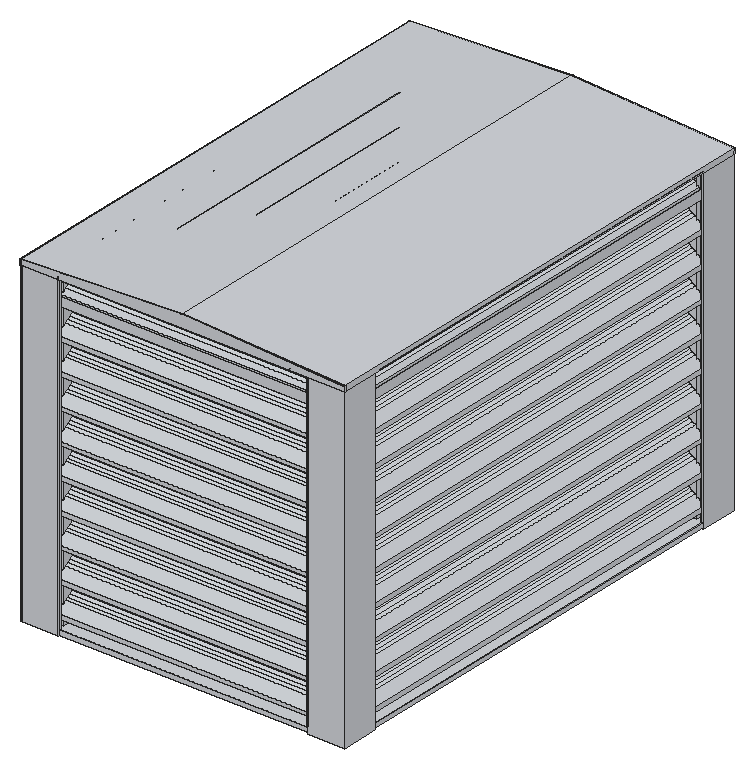
Revit family "PEL-4", category Mechanical Equipment, Revit 2015
Parameters
  URL = "https://unitedenertech.com/catalog/pdf/B_1%20PEL-4.pdf"
  Type Comments = "Louvers will split to Multi Section Assemblies if Max. Sizes are Exceeded. See EL-4 Submittal for Max. Size Listings."
  Model = "PEL-4"
  Manufacturer = "United Enertech Corporation"
  Louver Height [instance] = Height  # 4' - 0"
  Louver B Width [instance] = B + 0' 3"  # 5' - 3"
  Louver A Width [instance] = A + 0' 3"  # 3' - 3"
  Keynote = "Max. Preassembled Size is 72\"w x 220\"l x 80\"h"
  Height = 4' - 0"
  Description = "4\" Deep \"J\" Blade Louvered Penthouse"
  B Roof [instance] = B Side O.D. + 0' 0 1/4"  # 6' - 0 1/4"
  B Side O.D. [instance] = Louver B Width + 0' 9"  # 6' - 0"
  B = 5' - 0"
  A Roof [instance] = A Side O.D. + 0' 0 1/4"  # 4' - 0 1/4"
  A Side O.D. [instance] = Louver A Width + 0' 9"  # 4' - 0"
  A = 3' - 0"
Reference planes (in)
  plane 1 "Center (Front/Back)": y = 0
  plane 2: z = 0
  plane 3 "Center (Left/Right)": x = 0
  plane 4: x = -24
  plane 5: y = 36
  plane 6: x = 24
  plane 7: y = -36
  plane 8: z = 18
  plane 9: z = 66.22
  plane 10: z = 18.22
  plane 11: y = 30
  plane 12: y = -30
  plane 13: x = -18
  plane 14: x = 18
Forms (in)
  Extrusion 1, solid
    sketch origin (39.9625, 19.9659, 0) x (1, 0, 0) y (0, 1, 0)
      loop
        line (-64.0525, 10.6241) -> (-63.9625, 10.6241) -> (-63.9625, 16.0341) -> (-58.5525, 16.0341) -> (-58.5525, 16.1241) -> (-64.0525, 16.1241) -> (-64.0525, 10.6241)
    from 18.22 to 66.22
  Extrusion 2, solid
    sketch origin (-39.9625, 19.9659, 0) x (-1, 0, 0) y (0, -1, 0)
      loop
        line (-64.0525, -10.6241) -> (-64.0525, -16.1241) -> (-58.5525, -16.1241) -> (-58.5525, -16.0341) -> (-63.9625, -16.0341) -> (-63.9625, -10.6241) -> (-64.0525, -10.6241)
    from 18.22 to 66.22
  Extrusion 3, solid
    sketch origin (39.9625, -19.9659, 0) x (1, 0, 0) y (0, 1, 0)
      loop
        line (-64.0525, -10.6241) -> (-64.0525, -16.1241) -> (-58.5525, -16.1241) -> (-58.5525, -16.0341) -> (-63.9625, -16.0341) -> (-63.9625, -10.6241) -> (-64.0525, -10.6241)
    from 18.22 to 66.22
  Extrusion 4, solid
    sketch origin (-39.9625, -19.9659, 0) x (-1, 0, 0) y (0, -1, 0)
      loop
        line (-64.0525, 10.6241) -> (-63.9625, 10.6241) -> (-63.9625, 16.0341) -> (-58.5525, 16.0341) -> (-58.5525, 16.1241) -> (-64.0525, 16.1241) -> (-64.0525, 10.6241)
    from 18.22 to 66.22
Dimensions and locks (in)
  equal spacing: plane 4, plane 3 "Center (Left/Right)", plane 6
  "A Side O.D.": plane 4 to plane 6
  equal spacing: plane 5, plane 1 "Center (Front/Back)", plane 7
  "B Side O.D.": plane 5 to plane 7
  locked: plane 8 to plane 10 at 0.22
  "Height": plane 10 to plane 9
  equal spacing: plane 12, plane 1 "Center (Front/Back)", plane 11
  "B": plane 12 to plane 11
  equal spacing: plane 13, plane 3 "Center (Left/Right)", plane 14
  "A": plane 13 to plane 14
  aligned and locked: level to plane 2
  aligned and locked: plane 3 "Center (Left/Right)" to nested 1
  aligned and locked: nested 1 to plane 7
  aligned and locked: plane 10 to nested 1
  aligned and locked: nested 3 to plane 10
  aligned and locked: nested 3 to plane 3 "Center (Left/Right)"
  aligned and locked: nested 3 to plane 5
  aligned and locked: plane 1 "Center (Front/Back)" to nested 2
  aligned and locked: plane 4 to nested 2
  aligned and locked: plane 10 to nested 2
  aligned and locked: plane 10 to Extrusion 1
  aligned and locked: plane 9 to Extrusion 1
  aligned and locked: Extrusion 2 to plane 5
  aligned and locked: plane 7 to Extrusion 3
  aligned and locked: plane 10 to Extrusion 2
  aligned and locked: plane 9 to Extrusion 2
  aligned and locked: plane 10 to Extrusion 3
  aligned and locked: plane 9 to Extrusion 3
  aligned and locked: plane 10 to Extrusion 4
  aligned and locked: plane 9 to Extrusion 4
  aligned and locked: plane 1 "Center (Front/Back)" to nested 4
  aligned and locked: plane 3 "Center (Left/Right)" to nested 4
  aligned and locked: plane 9 to nested 4
  aligned and locked: nested 5 to plane 6
  aligned and locked: nested 5 to plane 1 "Center (Front/Back)"
  aligned and locked: nested 5 to plane 10
  aligned and locked: plane 3 "Center (Left/Right)" to nested 7
  aligned and locked: plane 11 to nested 7
  aligned and locked: nested 8 to plane 12
  aligned and locked: plane 1 "Center (Front/Back)" to nested 6
  aligned and locked: plane 14 to nested 6
  aligned and locked: nested 9 to plane 13
  aligned and locked: nested 8 to plane 8
  aligned and locked: nested 9 to plane 8
  aligned and locked: plane 8 to nested 7
  aligned and locked: plane 8 to nested 6
Automatic sketch dimensions
  Extrusion 1 sketch curve to plane 4 = 0' - 0"
  Extrusion 1 sketch curve to plane 5 = 0' - 0"
  Extrusion 1 sketch curve to Extrusion 1 sketch curve = 0' - 0.09"
  plane 5 to Extrusion 1 sketch curve = 0' - 0.09"
  Extrusion 2 sketch curve to plane 5 = 0' - 0"
  Extrusion 2 sketch curve to plane 6 = 0' - 0"
  Extrusion 2 sketch curve to Extrusion 2 sketch curve = 0' - 0.09"
  Extrusion 2 sketch curve to plane 5 = 0' - 0.09"
  Extrusion 3 sketch curve to plane 4 = 0' - 0"
  Extrusion 3 sketch curve to plane 7 = 0' - 0"
  Extrusion 3 sketch curve to Extrusion 3 sketch curve = 0' - 0.09"
  plane 7 to Extrusion 3 sketch curve = 0' - 0.09"
  Extrusion 4 sketch curve to plane 6 = 0' - 0"
  Extrusion 4 sketch curve to plane 7 = 0' - 0"
  Extrusion 4 sketch curve to Extrusion 4 sketch curve = 0' - 0.09"
  Extrusion 4 sketch curve to plane 7 = 0' - 0.09"
  Extrusion 3 sketch curve to plane 7 = 0' - 5.41"
  plane 7 to Extrusion 4 sketch curve = 0' - 5.41"
  Extrusion 1 sketch curve to plane 5 = 0' - 5.41"
  plane 5 to Extrusion 2 sketch curve = 0' - 5.41"
  plane 6 to Extrusion 2 sketch curve = 0' - 5.41"
  Extrusion 4 sketch curve to plane 6 = 0' - 5.41"
  Extrusion 1 sketch curve to plane 4 = 0' - 5.41"
  plane 4 to Extrusion 3 sketch curve = 0' - 5.41"
Nested families (in)
  nested 1: "EL-4" at (0, -36, 18.22), type "EL-4"
    with Blade Number 9, BW 3' - 1 5/16", Exact Width 3' - 3"
  nested 2: "B Side with Blades" at (-24, 0, 18.22) x (0, -1, 0) z (0, 0, 1), type "B Side with Blades"
    with Blade Number 9, BW 5' - 1 5/16", Exact Width 5' - 3"
  nested 3: "EL-4" at (0, 36, 18.22), type "EL-4"
    with Blade Number 9, BW 3' - 1 5/16", Exact Width 3' - 3"
  nested 4: "Roof" at (0, 0, 65.72), type "Roof"
    with B 6' - 0 1/4", A 4' - 0 1/4"
  nested 5: "B Side with Blades" at (24, 0, 18.22) x (0, -1, 0) z (0, 0, 1), type "B Side with Blades"
    with Blade Number 9, BW 5' - 1 5/16", Exact Width 5' - 3"
  nested 6: "Curb Cap Side 2" at (22.875, 0, -0.21007) x (0, -1, 0) z (0, 0, 1), type "Curb Cap Side 2"
  nested 7: "Curb Cap" at (0, 34.875, -0.21007), type "Curb Cap"
    with Width 3' - 0"
  nested 8: "Curb Cap" at (0, -34.875, -0.21007), type "Curb Cap"
    with Width 3' - 0"
  nested 9: "Curb Cap Side 2" at (-22.875, 0, -0.21007) x (0, -1, 0) z (0, 0, 1), type "Curb Cap Side 2"
Definition of nested family "EL-4"
  Parameters (values of type "EL-4")
    URL = "http://unitedenertech.com/catalog/pdf/A_8%20EL-4.pdf"
    Type Comments = "Max. Single Section Size is (120\"w  x  84\"h) or (84\"h  x  120\"w)"
    Model = "EL-4"
    Manufacturer = "United Enertech Corporation"
    Exact Width = 4' - 0"
    Exact Height = 4' - 0"
    Description = "Fixed 4\" Louver"
    Depth = 0' - 4.21363"
    Blade Spacing = 0' - 4 5/8"
    Blade Number [instance] = rounddown((Exact Height - 0' 4 7/8") / 0' 4 5/8")  # 9
    BW [instance] = Exact Width - 0' 1 11/16"  # 3' - 10 5/16"
  Reference planes (in)
    plane 1 "Center (Front/Back)": y = 0
    plane 2: z = 0
    plane 3 "Center (Left/Right)": x = 0
    plane 4: x = -24
    plane 5: x = 24
    plane 6: z = 48
    plane 7: x = -23.166
    plane 8: x = 23.166
    plane 9: z = 0.875
    plane 10: y = 4.21363
    plane 11: z = 44
  Forms (in)
    Extrusion 1, solid
      sketch origin (-29.66294, -49.65479, 0) x (0, -1, 0) y (1, 0, 0)
        loop
          line (-53.59942, 5.66294) -> (-53.59942, 5.74394) -> (-53.70642, 5.74394) -> (-53.70642, 6.41594) -> (-50.70642, 6.41594) -> (-50.70642, 5.70894) -> (-50.28742, 5.70894) -> (-50.28742, 5.66294) -> (-50.20642, 5.66294) -> (-50.20642, 5.70894) -> (-50.14442, 5.70894) -> (-50.14442, 5.78994) -> (-50.20642, 5.78994) -> (-50.20642, 5.87794) -> (-49.78742, 5.87794) -> (-49.78742, 5.78994) -> (-49.92542, 5.78994) -> (-49.92542, 5.70894) -> (-49.70642, 5.70894) -> (-49.70642, 6.6854) -> (-49.65479, 6.6854) -> (-49.65479, 6.78794) -> (-49.78742, 6.78794) -> (-49.78742, 6.49694) -> (-49.89442, 6.49694) -> (-49.89442, 6.41594) -> (-49.78742, 6.41594) -> (-49.78742, 5.95894) -> (-50.28742, 5.95894) -> (-50.28742, 5.78994) -> (-50.62542, 5.78994) -> (-50.62542, 6.49694) -> (-53.73742, 6.49694) -> (-53.73742, 6.78794) -> (-53.78742, 6.78794) -> (-53.78742, 5.66294) -> (-53.59942, 5.66294)
      from 0.875 to 48
    Extrusion 2, solid
      sketch origin (29.66294, -49.65479, 0) x (0, -1, 0) y (1, 0, 0)
        loop
          line (-53.59942, -5.66294) -> (-53.78742, -5.66294) -> (-53.78742, -6.78794) -> (-53.73742, -6.78794) -> (-53.73742, -6.49694) -> (-50.62542, -6.49694) -> (-50.62542, -5.78994) -> (-50.28742, -5.78994) -> (-50.28742, -5.95894) -> (-49.78742, -5.95894) -> (-49.78742, -6.41594) -> (-49.89442, -6.41594) -> (-49.89442, -6.49694) -> (-49.78742, -6.49694) -> (-49.78742, -6.78794) -> (-49.65479, -6.78794) -> (-49.65479, -6.6854) -> (-49.70642, -6.6854) -> (-49.70642, -5.70894) -> (-49.92542, -5.70894) -> (-49.92542, -5.78994) -> (-49.78742, -5.78994) -> (-49.78742, -5.87794) -> (-50.20642, -5.87794) -> (-50.20642, -5.78994) -> (-50.14442, -5.78994) -> (-50.14442, -5.70894) -> (-50.20642, -5.70894) -> (-50.20642, -5.66294) -> (-50.28742, -5.66294) -> (-50.28742, -5.70894) -> (-50.70642, -5.70894) -> (-50.70642, -6.41594) -> (-53.70642, -6.41594) -> (-53.70642, -5.74394) -> (-53.59942, -5.74394) -> (-53.59942, -5.66294)
      from 0.875 to 48
    Extrusion 3, solid
      sketch origin (-57.96539, 54.07221, -28.49404) x (0, 1, 0) y (0, 0, 1)
        loop
          line (-53.52057, 28.49404) -> (-53.43957, 28.49404) -> (-53.43957, 28.81904) -> (-53.93957, 28.81904) -> (-53.93957, 29.28804) -> (-49.93957, 29.28804) -> (-49.93957, 28.57504) -> (-50.04657, 28.57504) -> (-50.04657, 28.49404) -> (-49.85857, 28.49404) -> (-49.85857, 32.16904) -> (-49.93957, 32.16904) -> (-49.93957, 29.36904) -> (-54.07221, 29.36904) -> (-54.07221, 29.28804) -> (-54.02057, 29.28804) -> (-54.02057, 28.56904) -> (-53.80257, 28.56904) -> (-53.80257, 28.65004) -> (-53.93957, 28.65004) -> (-53.93957, 28.73804) -> (-53.52057, 28.73804) -> (-53.52057, 28.65004) -> (-53.58357, 28.65004) -> (-53.58357, 28.56904) -> (-53.52057, 28.56904) -> (-53.52057, 28.49404)
      from 33.96539 to 81.96539
    Extrusion 4, solid
      sketch origin (0, -4.95997, -5.16732) x (0, 1, 0) y (0, 0, 1)
        loop
          line (5.0926, 48.96871) -> (5.1736, 48.98562) -> (5.1736, 49.16966) -> (5.80531, 49.61935) -> (5.80531, 50.18878) -> (6.22811, 50.82999) -> (6.37647, 50.92928) -> (6.73966, 51.16395) -> (7.46295, 51.63128) -> (8.34759, 52.54232) -> (8.94132, 52.54232) -> (8.94132, 52.29232) -> (9.02232, 52.29232) -> (9.02232, 53.16732) -> (8.83432, 53.16732) -> (8.83432, 53.08632) -> (8.94132, 53.08632) -> (8.94132, 52.62332) -> (5.2054, 52.62332) -> (5.17343, 52.6553) -> (5.17343, 52.84232) -> (5.64813, 52.84232) -> (5.64813, 53.09232) -> (5.59232, 53.09232) -> (5.59232, 53.16732) -> (5.51132, 53.16732) -> (5.51132, 53.09232) -> (5.44932, 53.09232) -> (5.44932, 53.01132) -> (5.56713, 53.01132) -> (5.56713, 52.92332) -> (5.17343, 52.92332) -> (5.17343, 53.01132) -> (5.23032, 53.01132) -> (5.23032, 53.09232) -> (5.09227, 53.09232) -> (5.09227, 52.62332) -> (5.8875, 51.82808) -> (5.94407, 51.88465) -> (5.28554, 52.54318) -> (8.23552, 52.54318) -> (7.40333, 51.6892) -> (6.17378, 50.89475) -> (5.72431, 50.21308) -> (5.72431, 49.66112) -> (5.1736, 49.26909) -> (5.1736, 50.32304) -> (5.0926, 50.32304) -> (5.0926, 48.96871)
      from -23.166 to 23.166
  Dimensions and locks (in)
    equal spacing: plane 4, plane 3 "Center (Left/Right)", plane 5
    "Exact Width": plane 4 to plane 5
    "Exact Height": plane 6 to level
    locked: plane 4 to plane 7 at 0.834
    locked: plane 8 to plane 5 at 0.834
    locked: plane 9 to level at 0.875
    "Depth": plane 1 "Center (Front/Back)" to plane 10
    locked: plane 6 to plane 11 at 4
    equal spacing: group 1, group 2, group 3, group 4, group 5, group 6, group 7, group 8, group 9  (x2)
    equal spacing: group 9, group 8, group 7, group 6, group 5, group 4, group 3, group 2, group 1
    "Blade Spacing": nested 2 to nested 1
    aligned and locked: level to plane 2
    aligned and locked: Extrusion 3 to plane 5
    aligned and locked: plane 4 to Extrusion 3
    aligned and locked: Extrusion 1 to plane 9
    aligned and locked: Extrusion 2 to plane 9
    aligned and locked: plane 6 to Extrusion 1
    aligned and locked: plane 6 to Extrusion 2
    aligned and locked: plane 6 to Extrusion 4
    aligned and locked: plane 7 to Extrusion 4
    aligned and locked: Extrusion 4 to plane 8
    aligned and locked: plane 3 "Center (Left/Right)" to nested 1
    aligned and locked: plane 11 to nested 1
    aligned and locked: nested 2 to nested 1
  Automatic sketch dimensions
    Extrusion 1 sketch curve to plane 4 = 0' - 0"  (x2)
    Extrusion 1 sketch curve to plane 7 = 0' - 0"  (x2)
    plane 1 "Center (Front/Back)" to Extrusion 1 sketch curve = 0' - 0"
    Extrusion 1 sketch curve to plane 1 "Center (Front/Back)" = 0' - 0.05163"
    Extrusion 1 sketch curve to plane 1 "Center (Front/Back)" = 0' - 0.13263"
    Extrusion 1 sketch curve to Extrusion 1 sketch curve = 0' - 0"
    Extrusion 1 sketch curve to Extrusion 1 sketch curve = 0' - 0.081"  (x8)
    Extrusion 1 sketch curve to Extrusion 1 sketch curve = 0' - 0.107"  (x2)
    Extrusion 1 sketch curve to Extrusion 1 sketch curve = 0' - 0.138"
    Extrusion 1 sketch curve to Extrusion 1 sketch curve = 0' - 0.219"
    Extrusion 1 sketch curve to Extrusion 1 sketch curve = 0' - 0.062"  (x2)
    Extrusion 1 sketch curve to plane 4 = 0' - 0.127"
    Extrusion 1 sketch curve to Extrusion 1 sketch curve = 0' - 0.338"
    Extrusion 1 sketch curve to Extrusion 1 sketch curve = 0' - 2.893"
    plane 7 to Extrusion 1 sketch curve = 0' - 0.081"  (x2)
    Extrusion 1 sketch curve to Extrusion 1 sketch curve = 0' - 0.031"
    Extrusion 1 sketch curve to Extrusion 1 sketch curve = 0' - 0.05"
    Extrusion 1 sketch curve to plane 4 = 0' - 0.046"  (x3)
    Extrusion 1 sketch curve to Extrusion 1 sketch curve = 0' - 0.088"
    Extrusion 1 sketch curve to plane 7 = 0' - 0.18846"
    Extrusion 1 sketch curve to Extrusion 1 sketch curve = 0' - 0.291"
    Extrusion 1 sketch curve to Extrusion 1 sketch curve = 0' - 0.10254"
    Extrusion 2 sketch curve to plane 5 = 0' - 0"  (x2)
    Extrusion 2 sketch curve to plane 8 = 0' - 0"  (x2)
    plane 1 "Center (Front/Back)" to Extrusion 2 sketch curve = 0' - 0"
    Extrusion 2 sketch curve to plane 1 "Center (Front/Back)" = 0' - 0.05163"
    Extrusion 2 sketch curve to plane 1 "Center (Front/Back)" = 0' - 0.13263"
    Extrusion 2 sketch curve to Extrusion 2 sketch curve = 0' - 0"
    Extrusion 2 sketch curve to Extrusion 2 sketch curve = 0' - 0.081"  (x6)
    Extrusion 2 sketch curve to Extrusion 2 sketch curve = 0' - 0.107"  (x2)
    Extrusion 2 sketch curve to Extrusion 2 sketch curve = 0' - 0.138"
    Extrusion 2 sketch curve to Extrusion 2 sketch curve = 0' - 0.219"
    Extrusion 2 sketch curve to Extrusion 2 sketch curve = 0' - 0.062"  (x2)
    plane 5 to Extrusion 2 sketch curve = 0' - 0.127"  (x2)
    Extrusion 2 sketch curve to Extrusion 2 sketch curve = 0' - 0.338"
    Extrusion 2 sketch curve to Extrusion 2 sketch curve = 0' - 2.893"
    Extrusion 2 sketch curve to plane 8 = 0' - 0.081"  (x2)
    Extrusion 2 sketch curve to Extrusion 2 sketch curve = 0' - 0.031"
    Extrusion 2 sketch curve to Extrusion 2 sketch curve = 0' - 0.05"
    plane 8 to Extrusion 2 sketch curve = 0' - 0.18846"
    Extrusion 2 sketch curve to Extrusion 2 sketch curve = 0' - 0.291"
    Extrusion 2 sketch curve to Extrusion 2 sketch curve = 0' - 0.10254"
    plane 5 to Extrusion 2 sketch curve = 0' - 0.296"
    Extrusion 2 sketch curve to Extrusion 2 sketch curve = 0' - 0.088"
    plane 5 to Extrusion 2 sketch curve = 0' - 0.046"  (x3)
    Extrusion 3 sketch curve to plane 1 "Center (Front/Back)" = 0' - 0"
    Extrusion 3 sketch curve to level = 0' - 0"  (x2)
    Extrusion 3 sketch curve to plane 9 = 0' - 0"
    Extrusion 3 sketch curve to Extrusion 3 sketch curve = 0' - 0.05163"
    Extrusion 3 sketch curve to Extrusion 3 sketch curve = 0' - 0.081"  (x6)
    Extrusion 3 sketch curve to Extrusion 3 sketch curve = 0' - 0"  (x2)
    Extrusion 3 sketch curve to Extrusion 3 sketch curve = 0' - 0.137"
    level to Extrusion 3 sketch curve = 0' - 0.075"  (x2)
    Extrusion 3 sketch curve to Extrusion 3 sketch curve = 0' - 0.219"
    Extrusion 3 sketch curve to Extrusion 3 sketch curve = 0' - 0.063"  (x2)
    Extrusion 3 sketch curve to Extrusion 3 sketch curve = 0' - 3.393"
    Extrusion 3 sketch curve to Extrusion 3 sketch curve = 0' - 0.107"
    level to Extrusion 3 sketch curve = 0' - 0.081"
    Extrusion 3 sketch curve to Extrusion 3 sketch curve = 0' - 0.088"
    Extrusion 3 sketch curve to plane 9 = 0' - 0.081"  (x2)
    Extrusion 3 sketch curve to Extrusion 3 sketch curve = 0' - 2.8"
    Extrusion 4 sketch curve to plane 6 = 0' - 2.84428"
    Extrusion 4 sketch curve to plane 1 "Center (Front/Back)" = 0' - 0.13263"
    Extrusion 4 sketch curve to Extrusion 4 sketch curve = 0' - 0.08082"
    Extrusion 4 sketch curve to Extrusion 4 sketch curve = 0' - 0"  (x3)
    Extrusion 4 sketch curve to Extrusion 4 sketch curve = 0' - 0.081"  (x10)
    Extrusion 4 sketch curve to Extrusion 4 sketch curve = 0' - 0.03198"  (x2)
    Extrusion 4 sketch curve to Extrusion 4 sketch curve = 0' - 0.05689"
    Extrusion 4 sketch curve to Extrusion 4 sketch curve = 0' - 0.08014"
    Extrusion 4 sketch curve to Extrusion 4 sketch curve = 0' - 0.219"
    Extrusion 4 sketch curve to Extrusion 4 sketch curve = 0' - 0.062"
    Extrusion 4 sketch curve to Extrusion 4 sketch curve = 0' - 0.05581"  (x2)
    Extrusion 4 sketch curve to Extrusion 4 sketch curve = 0' - 0.55071"
    Extrusion 4 sketch curve to Extrusion 4 sketch curve = 0' - 0.60196"
    Extrusion 4 sketch curve to plane 6 = 0' - 1.28267"
    Extrusion 4 sketch curve to Extrusion 4 sketch curve = 0' - 0.05657"  (x2)
    Extrusion 4 sketch curve to plane 6 = 0' - 2.27257"
    Extrusion 4 sketch curve to Extrusion 4 sketch curve = 0' - 0.36847"
    Extrusion 4 sketch curve to plane 6 = 0' - 2.33733"
    Extrusion 4 sketch curve to Extrusion 4 sketch curve = 0' - 0.05432"
    Extrusion 4 sketch curve to plane 6 = 0' - 2.23804"
    Extrusion 4 sketch curve to Extrusion 4 sketch curve = 0' - 0.14837"
    Extrusion 4 sketch curve to plane 6 = 0' - 2.00337"
    Extrusion 4 sketch curve to Extrusion 4 sketch curve = 0' - 0.36319"
    Extrusion 4 sketch curve to plane 6 = 0' - 1.47813"
    Extrusion 4 sketch curve to Extrusion 4 sketch curve = 0' - 0.66366"
    Extrusion 4 sketch curve to plane 6 = 0' - 1.53604"
    Extrusion 4 sketch curve to Extrusion 4 sketch curve = 0' - 0.05962"
    Extrusion 4 sketch curve to Extrusion 4 sketch curve = 0' - 0.83219"
    Extrusion 4 sketch curve to Extrusion 4 sketch curve = 0' - 0.11207"
    Extrusion 4 sketch curve to Extrusion 4 sketch curve = 0' - 0.48673"
    Extrusion 4 sketch curve to Extrusion 4 sketch curve = 0' - 0.107"
    Extrusion 4 sketch curve to Extrusion 4 sketch curve = 0' - 0.10997"
    Extrusion 4 sketch curve to Extrusion 4 sketch curve = 0' - 0.0243"
    Extrusion 4 sketch curve to Extrusion 4 sketch curve = 0' - 0.52766"
    Extrusion 4 sketch curve to Extrusion 4 sketch curve = 0' - 0.04177"
    Extrusion 4 sketch curve to Extrusion 4 sketch curve = 0' - 0.39203"
    Extrusion 4 sketch curve to Extrusion 4 sketch curve = 0' - 0.09943"
    Extrusion 4 sketch curve to Extrusion 4 sketch curve = 0' - 0.18404"
    Extrusion 4 sketch curve to Extrusion 4 sketch curve = 0' - 0.01691"
    Extrusion 4 sketch curve to Extrusion 4 sketch curve = 0' - 0.25086"
    Extrusion 4 sketch curve to Extrusion 4 sketch curve = 0' - 0 1/4"
    Extrusion 4 sketch curve to Extrusion 4 sketch curve = 0' - 0.18702"
    Extrusion 4 sketch curve to Extrusion 4 sketch curve = 0' - 0.088"  (x2)
    Extrusion 4 sketch curve to Extrusion 4 sketch curve = 0' - 0.463"
    Extrusion 4 sketch curve to Extrusion 4 sketch curve = 0' - 0.075"
    Extrusion 4 sketch curve to Extrusion 4 sketch curve = 0' - 0.08116"
  Nested families (in)
    nested 1: "EL-4 Blade" at (0, 4.92101, 35.5882), type "EL-4 Blade"
      with Blade Width 3' - 10 5/16"
    nested 2: "EL-4 Blade" at (0, 4.92101, 30.9632), type "EL-4 Blade"
      with Blade Width 3' - 10 5/16"
    nested 3: "EL-4 Blade" at (0, 4.92101, 26.3382), type "EL-4 Blade"
      with Blade Width 3' - 10 5/16"
    nested 4: "EL-4 Blade" at (0, 4.92101, 21.7132), type "EL-4 Blade"
      with Blade Width 3' - 10 5/16"
    nested 5: "EL-4 Blade" at (0, 4.92101, 17.0882), type "EL-4 Blade"
      with Blade Width 3' - 10 5/16"
    nested 6: "EL-4 Blade" at (0, 4.92101, 12.4632), type "EL-4 Blade"
      with Blade Width 3' - 10 5/16"
    nested 7: "EL-4 Blade" at (0, 4.92101, 7.8382), type "EL-4 Blade"
      with Blade Width 3' - 10 5/16"
    nested 8: "EL-4 Blade" at (0, 4.92101, 3.2132), type "EL-4 Blade"
      with Blade Width 3' - 10 5/16"
    nested 9: "EL-4 Blade" at (0, 4.92101, -1.4118), type "EL-4 Blade"
      with Blade Width 3' - 10 5/16"
  Definition of nested family "EL-4 Blade"
    Parameters (values of type "EL-4 Blade")
      Blade Width = 1' - 6"
    Reference planes (in)
      plane 1 "Center (Front/Back)": y = 0
      plane 2: z = 0
      plane 3 "Center (Left/Right)": x = 0
      plane 4: x = -9
      plane 5: x = 9
    Forms (in)
      Extrusion 1, solid
        sketch origin (-10.70347, -9.60614, 8.80962) x (0, 1, 0) y (0, 0, 1)
          loop
            line (4.81777, -5.22142) -> (4.89877, -5.20451) -> (4.89877, -4.65643) -> (5.94601, -3.32804) -> (6.10223, -3.26126) -> (6.59277, -2.97805) -> (7.06625, -2.63173) -> (7.46443, -2.27055) -> (7.87309, -1.81036) -> (7.93365, -1.7391) -> (8.19133, -1.64781) -> (8.77529, -1.64781) -> (8.77529, -0.39781) -> (8.65029, -0.39781) -> (8.65029, -0.47911) -> (8.69429, -0.47911) -> (8.69429, -1.56681) -> (8.17804, -1.56681) -> (7.88437, -1.66476) -> (7.54911, -2.06666) -> (7.20133, -2.41027) -> (6.79536, -2.74072) -> (6.37764, -3.0179) -> (5.92224, -3.26034) -> (4.81777, -4.61709) -> (4.81777, -5.22142)
        from 1.70347 to 19.70347
    Dimensions and locks (in)
      equal spacing: plane 4, plane 3 "Center (Left/Right)", plane 5
      "Blade Width": plane 4 to plane 5
      aligned and locked: level to plane 2
      aligned and locked: plane 4 to Extrusion 1
      aligned and locked: plane 5 to Extrusion 1
    Automatic sketch dimensions
      plane 1 "Center (Front/Back)" to Extrusion 1 sketch curve = 0' - 4.78838"
      Extrusion 1 sketch curve to Extrusion 1 sketch curve = 0' - 0.081"  (x3)
      Extrusion 1 sketch curve to Extrusion 1 sketch curve = 0' - 1.02348"
      Extrusion 1 sketch curve to Extrusion 1 sketch curve = 0' - 0.02377"
      Extrusion 1 sketch curve to Extrusion 1 sketch curve = 0' - 0.15623"
      Extrusion 1 sketch curve to Extrusion 1 sketch curve = 0' - 0.27541"
      Extrusion 1 sketch curve to Extrusion 1 sketch curve = 0' - 0.21513"
      Extrusion 1 sketch curve to Extrusion 1 sketch curve = 0' - 0.20259"
      Extrusion 1 sketch curve to Extrusion 1 sketch curve = 0' - 0.27089"
      Extrusion 1 sketch curve to Extrusion 1 sketch curve = 0' - 0.13508"
      Extrusion 1 sketch curve to Extrusion 1 sketch curve = 0' - 0.2631"
      Extrusion 1 sketch curve to Extrusion 1 sketch curve = 0' - 0.08468"
      Extrusion 1 sketch curve to Extrusion 1 sketch curve = 0' - 0.32399"
      Extrusion 1 sketch curve to Extrusion 1 sketch curve = 0' - 0.01128"
      Extrusion 1 sketch curve to Extrusion 1 sketch curve = 0' - 0.04928"
      Extrusion 1 sketch curve to Extrusion 1 sketch curve = 0' - 0.24439"
      Extrusion 1 sketch curve to Extrusion 1 sketch curve = 0' - 0.01329"
      plane 1 "Center (Front/Back)" to Extrusion 1 sketch curve = 0' - 0.95585"
      Extrusion 1 sketch curve to Extrusion 1 sketch curve = 0' - 0.044"
      level to Extrusion 1 sketch curve = 0' - 3.5882"
      Extrusion 1 sketch curve to Extrusion 1 sketch curve = 0' - 0.01691"
      Extrusion 1 sketch curve to Extrusion 1 sketch curve = 0' - 0.54808"
      Extrusion 1 sketch curve to Extrusion 1 sketch curve = 0' - 0.03934"
      Extrusion 1 sketch curve to Extrusion 1 sketch curve = 0' - 1.32839"
      Extrusion 1 sketch curve to Extrusion 1 sketch curve = 0' - 0.06678"
      Extrusion 1 sketch curve to Extrusion 1 sketch curve = 0' - 0.0677"
      Extrusion 1 sketch curve to Extrusion 1 sketch curve = 0' - 0.24336"
      Extrusion 1 sketch curve to Extrusion 1 sketch curve = 0' - 0.03985"
      Extrusion 1 sketch curve to Extrusion 1 sketch curve = 0' - 0.23733"
      Extrusion 1 sketch curve to Extrusion 1 sketch curve = 0' - 0.10899"
      Extrusion 1 sketch curve to Extrusion 1 sketch curve = 0' - 0.22146"
      Extrusion 1 sketch curve to Extrusion 1 sketch curve = 0' - 0.13972"
      Extrusion 1 sketch curve to Extrusion 1 sketch curve = 0' - 0.20389"
      Extrusion 1 sketch curve to Extrusion 1 sketch curve = 0' - 0.2563"
      Extrusion 1 sketch curve to Extrusion 1 sketch curve = 0' - 0.07127"
      Extrusion 1 sketch curve to Extrusion 1 sketch curve = 0' - 0.07433"
      Extrusion 1 sketch curve to Extrusion 1 sketch curve = 0' - 0.09128"
      Extrusion 1 sketch curve to Extrusion 1 sketch curve = 0' - 1.0877"
      Extrusion 1 sketch curve to Extrusion 1 sketch curve = 0' - 0.0813"
Definition of nested family "B Side with Blades"
  Parameters (values of type "B Side with Blades")
    URL = "http://unitedenertech.com/catalog/pdf/A_8%20EL-4.pdf"
    Type Comments = "Max. Single Section Size is (120\"w  x  84\"h) or (84\"h  x  120\"w)"
    Model = "EL-4"
    Manufacturer = "United Enertech Corporation"
    Exact Width = 4' - 0"
    Exact Height = 4' - 0"
    Description = "Fixed 4\" Louver"
    Depth = 0' - 4.21363"
    Blade Spacing = 0' - 4 5/8"
    Blade Number [instance] = rounddown((Exact Height - 0' 4 7/8") / 0' 4 5/8")  # 9
    BW [instance] = Exact Width - 0' 1 11/16"  # 3' - 10 5/16"
  Reference planes (in)
    plane 1 "Center (Front/Back)": y = 0
    plane 2: z = 0
    plane 3 "Center (Left/Right)": x = 0
    plane 4: x = -24
    plane 5: x = 24
    plane 6: z = 48
    plane 7: x = -23.166
    plane 8: x = 23.166
    plane 9: z = 0.875
    plane 10: y = 4.21363
    plane 11: z = 44
  Forms (in)
    Extrusion 1, solid
      sketch origin (-29.66294, -49.65479, 0) x (0, -1, 0) y (1, 0, 0)
        loop
          line (-53.59942, 5.66294) -> (-53.59942, 5.74394) -> (-53.70642, 5.74394) -> (-53.70642, 6.41594) -> (-50.70642, 6.41594) -> (-50.70642, 5.70894) -> (-50.28742, 5.70894) -> (-50.28742, 5.66294) -> (-50.20642, 5.66294) -> (-50.20642, 5.70894) -> (-50.14442, 5.70894) -> (-50.14442, 5.78994) -> (-50.20642, 5.78994) -> (-50.20642, 5.87794) -> (-49.78742, 5.87794) -> (-49.78742, 5.78994) -> (-49.92542, 5.78994) -> (-49.92542, 5.70894) -> (-49.70642, 5.70894) -> (-49.70642, 6.6854) -> (-49.65479, 6.6854) -> (-49.65479, 6.78794) -> (-49.78742, 6.78794) -> (-49.78742, 6.49694) -> (-49.89442, 6.49694) -> (-49.89442, 6.41594) -> (-49.78742, 6.41594) -> (-49.78742, 5.95894) -> (-50.28742, 5.95894) -> (-50.28742, 5.78994) -> (-50.62542, 5.78994) -> (-50.62542, 6.49694) -> (-53.73742, 6.49694) -> (-53.73742, 6.78794) -> (-53.78742, 6.78794) -> (-53.78742, 5.66294) -> (-53.59942, 5.66294)
      from 0.875 to 48
    Extrusion 2, solid
      sketch origin (29.66294, -49.65479, 0) x (0, -1, 0) y (1, 0, 0)
        loop
          line (-53.59942, -5.66294) -> (-53.78742, -5.66294) -> (-53.78742, -6.78794) -> (-53.73742, -6.78794) -> (-53.73742, -6.49694) -> (-50.62542, -6.49694) -> (-50.62542, -5.78994) -> (-50.28742, -5.78994) -> (-50.28742, -5.95894) -> (-49.78742, -5.95894) -> (-49.78742, -6.41594) -> (-49.89442, -6.41594) -> (-49.89442, -6.49694) -> (-49.78742, -6.49694) -> (-49.78742, -6.78794) -> (-49.65479, -6.78794) -> (-49.65479, -6.6854) -> (-49.70642, -6.6854) -> (-49.70642, -5.70894) -> (-49.92542, -5.70894) -> (-49.92542, -5.78994) -> (-49.78742, -5.78994) -> (-49.78742, -5.87794) -> (-50.20642, -5.87794) -> (-50.20642, -5.78994) -> (-50.14442, -5.78994) -> (-50.14442, -5.70894) -> (-50.20642, -5.70894) -> (-50.20642, -5.66294) -> (-50.28742, -5.66294) -> (-50.28742, -5.70894) -> (-50.70642, -5.70894) -> (-50.70642, -6.41594) -> (-53.70642, -6.41594) -> (-53.70642, -5.74394) -> (-53.59942, -5.74394) -> (-53.59942, -5.66294)
      from 0.875 to 48
    Extrusion 3, solid
      sketch origin (-57.96539, 54.07221, -28.49404) x (0, 1, 0) y (0, 0, 1)
        loop
          line (-53.52057, 28.49404) -> (-53.43957, 28.49404) -> (-53.43957, 28.81904) -> (-53.93957, 28.81904) -> (-53.93957, 29.28804) -> (-49.93957, 29.28804) -> (-49.93957, 28.57504) -> (-50.04657, 28.57504) -> (-50.04657, 28.49404) -> (-49.85857, 28.49404) -> (-49.85857, 32.16904) -> (-49.93957, 32.16904) -> (-49.93957, 29.36904) -> (-54.07221, 29.36904) -> (-54.07221, 29.28804) -> (-54.02057, 29.28804) -> (-54.02057, 28.56904) -> (-53.80257, 28.56904) -> (-53.80257, 28.65004) -> (-53.93957, 28.65004) -> (-53.93957, 28.73804) -> (-53.52057, 28.73804) -> (-53.52057, 28.65004) -> (-53.58357, 28.65004) -> (-53.58357, 28.56904) -> (-53.52057, 28.56904) -> (-53.52057, 28.49404)
      from 33.96539 to 81.96539
    Extrusion 4, solid
      sketch origin (0, -4.95997, -5.16732) x (0, 1, 0) y (0, 0, 1)
        loop
          line (5.0926, 48.96871) -> (5.1736, 48.98562) -> (5.1736, 49.16966) -> (5.80531, 49.61935) -> (5.80531, 50.18878) -> (6.22811, 50.82999) -> (6.37647, 50.92928) -> (6.73966, 51.16395) -> (7.46295, 51.63128) -> (8.34759, 52.54232) -> (8.94132, 52.54232) -> (8.94132, 52.29232) -> (9.02232, 52.29232) -> (9.02232, 53.16732) -> (8.83432, 53.16732) -> (8.83432, 53.08632) -> (8.94132, 53.08632) -> (8.94132, 52.62332) -> (5.2054, 52.62332) -> (5.17343, 52.6553) -> (5.17343, 52.84232) -> (5.64813, 52.84232) -> (5.64813, 53.09232) -> (5.59232, 53.09232) -> (5.59232, 53.16732) -> (5.51132, 53.16732) -> (5.51132, 53.09232) -> (5.44932, 53.09232) -> (5.44932, 53.01132) -> (5.56713, 53.01132) -> (5.56713, 52.92332) -> (5.17343, 52.92332) -> (5.17343, 53.01132) -> (5.23032, 53.01132) -> (5.23032, 53.09232) -> (5.09227, 53.09232) -> (5.09227, 52.62332) -> (5.8875, 51.82808) -> (5.94407, 51.88465) -> (5.28554, 52.54318) -> (8.23552, 52.54318) -> (7.40333, 51.6892) -> (6.17378, 50.89475) -> (5.72431, 50.21308) -> (5.72431, 49.66112) -> (5.1736, 49.26909) -> (5.1736, 50.32304) -> (5.0926, 50.32304) -> (5.0926, 48.96871)
      from -23.166 to 23.166
  Dimensions and locks (in)
    equal spacing: plane 4, plane 3 "Center (Left/Right)", plane 5
    "Exact Width": plane 4 to plane 5
    "Exact Height": plane 6 to level
    locked: plane 4 to plane 7 at 0.834
    locked: plane 8 to plane 5 at 0.834
    locked: plane 9 to level at 0.875
    "Depth": plane 1 "Center (Front/Back)" to plane 10
    locked: plane 6 to plane 11 at 4
    equal spacing: group 1, group 2, group 3, group 4, group 5, group 6, group 7, group 8, group 9  (x2)
    equal spacing: group 9, group 8, group 7, group 6, group 5, group 4, group 3, group 2, group 1
    "Blade Spacing": nested 2 to nested 1
    aligned and locked: level to plane 2
    aligned and locked: Extrusion 3 to plane 5
    aligned and locked: plane 4 to Extrusion 3
    aligned and locked: Extrusion 1 to plane 9
    aligned and locked: Extrusion 2 to plane 9
    aligned and locked: plane 6 to Extrusion 1
    aligned and locked: plane 6 to Extrusion 2
    aligned and locked: plane 6 to Extrusion 4
    aligned and locked: plane 7 to Extrusion 4
    aligned and locked: Extrusion 4 to plane 8
    aligned and locked: plane 3 "Center (Left/Right)" to nested 1
    aligned and locked: plane 11 to nested 1
    aligned and locked: nested 2 to nested 1
  Automatic sketch dimensions
    Extrusion 1 sketch curve to plane 4 = 0' - 0"  (x2)
    Extrusion 1 sketch curve to plane 7 = 0' - 0"  (x2)
    plane 1 "Center (Front/Back)" to Extrusion 1 sketch curve = 0' - 0"
    Extrusion 1 sketch curve to plane 1 "Center (Front/Back)" = 0' - 0.05163"
    Extrusion 1 sketch curve to plane 1 "Center (Front/Back)" = 0' - 0.13263"
    Extrusion 1 sketch curve to Extrusion 1 sketch curve = 0' - 0"
    Extrusion 1 sketch curve to Extrusion 1 sketch curve = 0' - 0.081"  (x8)
    Extrusion 1 sketch curve to Extrusion 1 sketch curve = 0' - 0.107"  (x2)
    Extrusion 1 sketch curve to Extrusion 1 sketch curve = 0' - 0.138"
    Extrusion 1 sketch curve to Extrusion 1 sketch curve = 0' - 0.219"
    Extrusion 1 sketch curve to Extrusion 1 sketch curve = 0' - 0.062"  (x2)
    Extrusion 1 sketch curve to plane 4 = 0' - 0.127"
    Extrusion 1 sketch curve to Extrusion 1 sketch curve = 0' - 0.338"
    Extrusion 1 sketch curve to Extrusion 1 sketch curve = 0' - 2.893"
    plane 7 to Extrusion 1 sketch curve = 0' - 0.081"  (x2)
    Extrusion 1 sketch curve to Extrusion 1 sketch curve = 0' - 0.031"
    Extrusion 1 sketch curve to Extrusion 1 sketch curve = 0' - 0.05"
    Extrusion 1 sketch curve to plane 4 = 0' - 0.046"  (x3)
    Extrusion 1 sketch curve to Extrusion 1 sketch curve = 0' - 0.088"
    Extrusion 1 sketch curve to plane 7 = 0' - 0.18846"
    Extrusion 1 sketch curve to Extrusion 1 sketch curve = 0' - 0.291"
    Extrusion 1 sketch curve to Extrusion 1 sketch curve = 0' - 0.10254"
    Extrusion 2 sketch curve to plane 5 = 0' - 0"  (x2)
    Extrusion 2 sketch curve to plane 8 = 0' - 0"  (x2)
    plane 1 "Center (Front/Back)" to Extrusion 2 sketch curve = 0' - 0"
    Extrusion 2 sketch curve to plane 1 "Center (Front/Back)" = 0' - 0.05163"
    Extrusion 2 sketch curve to plane 1 "Center (Front/Back)" = 0' - 0.13263"
    Extrusion 2 sketch curve to Extrusion 2 sketch curve = 0' - 0"
    Extrusion 2 sketch curve to Extrusion 2 sketch curve = 0' - 0.081"  (x6)
    Extrusion 2 sketch curve to Extrusion 2 sketch curve = 0' - 0.107"  (x2)
    Extrusion 2 sketch curve to Extrusion 2 sketch curve = 0' - 0.138"
    Extrusion 2 sketch curve to Extrusion 2 sketch curve = 0' - 0.219"
    Extrusion 2 sketch curve to Extrusion 2 sketch curve = 0' - 0.062"  (x2)
    plane 5 to Extrusion 2 sketch curve = 0' - 0.127"  (x2)
    Extrusion 2 sketch curve to Extrusion 2 sketch curve = 0' - 0.338"
    Extrusion 2 sketch curve to Extrusion 2 sketch curve = 0' - 2.893"
    Extrusion 2 sketch curve to plane 8 = 0' - 0.081"  (x2)
    Extrusion 2 sketch curve to Extrusion 2 sketch curve = 0' - 0.031"
    Extrusion 2 sketch curve to Extrusion 2 sketch curve = 0' - 0.05"
    plane 8 to Extrusion 2 sketch curve = 0' - 0.18846"
    Extrusion 2 sketch curve to Extrusion 2 sketch curve = 0' - 0.291"
    Extrusion 2 sketch curve to Extrusion 2 sketch curve = 0' - 0.10254"
    plane 5 to Extrusion 2 sketch curve = 0' - 0.296"
    Extrusion 2 sketch curve to Extrusion 2 sketch curve = 0' - 0.088"
    plane 5 to Extrusion 2 sketch curve = 0' - 0.046"  (x3)
    Extrusion 3 sketch curve to plane 1 "Center (Front/Back)" = 0' - 0"
    Extrusion 3 sketch curve to level = 0' - 0"  (x2)
    Extrusion 3 sketch curve to plane 9 = 0' - 0"
    Extrusion 3 sketch curve to Extrusion 3 sketch curve = 0' - 0.05163"
    Extrusion 3 sketch curve to Extrusion 3 sketch curve = 0' - 0.081"  (x6)
    Extrusion 3 sketch curve to Extrusion 3 sketch curve = 0' - 0"  (x2)
    Extrusion 3 sketch curve to Extrusion 3 sketch curve = 0' - 0.137"
    level to Extrusion 3 sketch curve = 0' - 0.075"  (x2)
    Extrusion 3 sketch curve to Extrusion 3 sketch curve = 0' - 0.219"
    Extrusion 3 sketch curve to Extrusion 3 sketch curve = 0' - 0.063"  (x2)
    Extrusion 3 sketch curve to Extrusion 3 sketch curve = 0' - 3.393"
    Extrusion 3 sketch curve to Extrusion 3 sketch curve = 0' - 0.107"
    level to Extrusion 3 sketch curve = 0' - 0.081"
    Extrusion 3 sketch curve to Extrusion 3 sketch curve = 0' - 0.088"
    Extrusion 3 sketch curve to plane 9 = 0' - 0.081"  (x2)
    Extrusion 3 sketch curve to Extrusion 3 sketch curve = 0' - 2.8"
    Extrusion 4 sketch curve to plane 6 = 0' - 2.84428"
    Extrusion 4 sketch curve to plane 1 "Center (Front/Back)" = 0' - 0.13263"
    Extrusion 4 sketch curve to Extrusion 4 sketch curve = 0' - 0.08082"
    Extrusion 4 sketch curve to Extrusion 4 sketch curve = 0' - 0"  (x3)
    Extrusion 4 sketch curve to Extrusion 4 sketch curve = 0' - 0.081"  (x10)
    Extrusion 4 sketch curve to Extrusion 4 sketch curve = 0' - 0.03198"  (x2)
    Extrusion 4 sketch curve to Extrusion 4 sketch curve = 0' - 0.05689"
    Extrusion 4 sketch curve to Extrusion 4 sketch curve = 0' - 0.08014"
    Extrusion 4 sketch curve to Extrusion 4 sketch curve = 0' - 0.219"
    Extrusion 4 sketch curve to Extrusion 4 sketch curve = 0' - 0.062"
    Extrusion 4 sketch curve to Extrusion 4 sketch curve = 0' - 0.05581"  (x2)
    Extrusion 4 sketch curve to Extrusion 4 sketch curve = 0' - 0.55071"
    Extrusion 4 sketch curve to Extrusion 4 sketch curve = 0' - 0.60196"
    Extrusion 4 sketch curve to plane 6 = 0' - 1.28267"
    Extrusion 4 sketch curve to Extrusion 4 sketch curve = 0' - 0.05657"  (x2)
    Extrusion 4 sketch curve to plane 6 = 0' - 2.27257"
    Extrusion 4 sketch curve to Extrusion 4 sketch curve = 0' - 0.36847"
    Extrusion 4 sketch curve to plane 6 = 0' - 2.33733"
    Extrusion 4 sketch curve to Extrusion 4 sketch curve = 0' - 0.05432"
    Extrusion 4 sketch curve to plane 6 = 0' - 2.23804"
    Extrusion 4 sketch curve to Extrusion 4 sketch curve = 0' - 0.14837"
    Extrusion 4 sketch curve to plane 6 = 0' - 2.00337"
    Extrusion 4 sketch curve to Extrusion 4 sketch curve = 0' - 0.36319"
    Extrusion 4 sketch curve to plane 6 = 0' - 1.47813"
    Extrusion 4 sketch curve to Extrusion 4 sketch curve = 0' - 0.66366"
    Extrusion 4 sketch curve to plane 6 = 0' - 1.53604"
    Extrusion 4 sketch curve to Extrusion 4 sketch curve = 0' - 0.05962"
    Extrusion 4 sketch curve to Extrusion 4 sketch curve = 0' - 0.83219"
    Extrusion 4 sketch curve to Extrusion 4 sketch curve = 0' - 0.11207"
    Extrusion 4 sketch curve to Extrusion 4 sketch curve = 0' - 0.48673"
    Extrusion 4 sketch curve to Extrusion 4 sketch curve = 0' - 0.107"
    Extrusion 4 sketch curve to Extrusion 4 sketch curve = 0' - 0.10997"
    Extrusion 4 sketch curve to Extrusion 4 sketch curve = 0' - 0.0243"
    Extrusion 4 sketch curve to Extrusion 4 sketch curve = 0' - 0.52766"
    Extrusion 4 sketch curve to Extrusion 4 sketch curve = 0' - 0.04177"
    Extrusion 4 sketch curve to Extrusion 4 sketch curve = 0' - 0.39203"
    Extrusion 4 sketch curve to Extrusion 4 sketch curve = 0' - 0.09943"
    Extrusion 4 sketch curve to Extrusion 4 sketch curve = 0' - 0.18404"
    Extrusion 4 sketch curve to Extrusion 4 sketch curve = 0' - 0.01691"
    Extrusion 4 sketch curve to Extrusion 4 sketch curve = 0' - 0.25086"
    Extrusion 4 sketch curve to Extrusion 4 sketch curve = 0' - 0 1/4"
    Extrusion 4 sketch curve to Extrusion 4 sketch curve = 0' - 0.18702"
    Extrusion 4 sketch curve to Extrusion 4 sketch curve = 0' - 0.088"  (x2)
    Extrusion 4 sketch curve to Extrusion 4 sketch curve = 0' - 0.463"
    Extrusion 4 sketch curve to Extrusion 4 sketch curve = 0' - 0.075"
    Extrusion 4 sketch curve to Extrusion 4 sketch curve = 0' - 0.08116"
  Nested families (in)
    nested 1: "EL-4 Blade" at (0, 4.92101, 35.5882), type "EL-4 Blade"
      with Blade Width 3' - 10 5/16"
    nested 2: "EL-4 Blade" at (0, 4.92101, 30.9632), type "EL-4 Blade"
      with Blade Width 3' - 10 5/16"
    nested 3: "EL-4 Blade" at (0, 4.92101, 26.3382), type "EL-4 Blade"
      with Blade Width 3' - 10 5/16"
    nested 4: "EL-4 Blade" at (0, 4.92101, 21.7132), type "EL-4 Blade"
      with Blade Width 3' - 10 5/16"
    nested 5: "EL-4 Blade" at (0, 4.92101, 17.0882), type "EL-4 Blade"
      with Blade Width 3' - 10 5/16"
    nested 6: "EL-4 Blade" at (0, 4.92101, 12.4632), type "EL-4 Blade"
      with Blade Width 3' - 10 5/16"
    nested 7: "EL-4 Blade" at (0, 4.92101, 7.8382), type "EL-4 Blade"
      with Blade Width 3' - 10 5/16"
    nested 8: "EL-4 Blade" at (0, 4.92101, 3.2132), type "EL-4 Blade"
      with Blade Width 3' - 10 5/16"
    nested 9: "EL-4 Blade" at (0, 4.92101, -1.4118), type "EL-4 Blade"
      with Blade Width 3' - 10 5/16"
  Definition of nested family "EL-4 Blade"
    Parameters (values of type "EL-4 Blade")
      Blade Width = 1' - 6"
    Reference planes (in)
      plane 1 "Center (Front/Back)": y = 0
      plane 2: z = 0
      plane 3 "Center (Left/Right)": x = 0
      plane 4: x = -9
      plane 5: x = 9
    Forms (in)
      Extrusion 1, solid
        sketch origin (-10.70347, -9.60614, 8.80962) x (0, 1, 0) y (0, 0, 1)
          loop
            line (4.81777, -5.22142) -> (4.89877, -5.20451) -> (4.89877, -4.65643) -> (5.94601, -3.32804) -> (6.10223, -3.26126) -> (6.59277, -2.97805) -> (7.06625, -2.63173) -> (7.46443, -2.27055) -> (7.87309, -1.81036) -> (7.93365, -1.7391) -> (8.19133, -1.64781) -> (8.77529, -1.64781) -> (8.77529, -0.39781) -> (8.65029, -0.39781) -> (8.65029, -0.47911) -> (8.69429, -0.47911) -> (8.69429, -1.56681) -> (8.17804, -1.56681) -> (7.88437, -1.66476) -> (7.54911, -2.06666) -> (7.20133, -2.41027) -> (6.79536, -2.74072) -> (6.37764, -3.0179) -> (5.92224, -3.26034) -> (4.81777, -4.61709) -> (4.81777, -5.22142)
        from 1.70347 to 19.70347
    Dimensions and locks (in)
      equal spacing: plane 4, plane 3 "Center (Left/Right)", plane 5
      "Blade Width": plane 4 to plane 5
      aligned and locked: level to plane 2
      aligned and locked: plane 4 to Extrusion 1
      aligned and locked: plane 5 to Extrusion 1
    Automatic sketch dimensions
      plane 1 "Center (Front/Back)" to Extrusion 1 sketch curve = 0' - 4.78838"
      Extrusion 1 sketch curve to Extrusion 1 sketch curve = 0' - 0.081"  (x3)
      Extrusion 1 sketch curve to Extrusion 1 sketch curve = 0' - 1.02348"
      Extrusion 1 sketch curve to Extrusion 1 sketch curve = 0' - 0.02377"
      Extrusion 1 sketch curve to Extrusion 1 sketch curve = 0' - 0.15623"
      Extrusion 1 sketch curve to Extrusion 1 sketch curve = 0' - 0.27541"
      Extrusion 1 sketch curve to Extrusion 1 sketch curve = 0' - 0.21513"
      Extrusion 1 sketch curve to Extrusion 1 sketch curve = 0' - 0.20259"
      Extrusion 1 sketch curve to Extrusion 1 sketch curve = 0' - 0.27089"
      Extrusion 1 sketch curve to Extrusion 1 sketch curve = 0' - 0.13508"
      Extrusion 1 sketch curve to Extrusion 1 sketch curve = 0' - 0.2631"
      Extrusion 1 sketch curve to Extrusion 1 sketch curve = 0' - 0.08468"
      Extrusion 1 sketch curve to Extrusion 1 sketch curve = 0' - 0.32399"
      Extrusion 1 sketch curve to Extrusion 1 sketch curve = 0' - 0.01128"
      Extrusion 1 sketch curve to Extrusion 1 sketch curve = 0' - 0.04928"
      Extrusion 1 sketch curve to Extrusion 1 sketch curve = 0' - 0.24439"
      Extrusion 1 sketch curve to Extrusion 1 sketch curve = 0' - 0.01329"
      plane 1 "Center (Front/Back)" to Extrusion 1 sketch curve = 0' - 0.95585"
      Extrusion 1 sketch curve to Extrusion 1 sketch curve = 0' - 0.044"
      level to Extrusion 1 sketch curve = 0' - 3.5882"
      Extrusion 1 sketch curve to Extrusion 1 sketch curve = 0' - 0.01691"
      Extrusion 1 sketch curve to Extrusion 1 sketch curve = 0' - 0.54808"
      Extrusion 1 sketch curve to Extrusion 1 sketch curve = 0' - 0.03934"
      Extrusion 1 sketch curve to Extrusion 1 sketch curve = 0' - 1.32839"
      Extrusion 1 sketch curve to Extrusion 1 sketch curve = 0' - 0.06678"
      Extrusion 1 sketch curve to Extrusion 1 sketch curve = 0' - 0.0677"
      Extrusion 1 sketch curve to Extrusion 1 sketch curve = 0' - 0.24336"
      Extrusion 1 sketch curve to Extrusion 1 sketch curve = 0' - 0.03985"
      Extrusion 1 sketch curve to Extrusion 1 sketch curve = 0' - 0.23733"
      Extrusion 1 sketch curve to Extrusion 1 sketch curve = 0' - 0.10899"
      Extrusion 1 sketch curve to Extrusion 1 sketch curve = 0' - 0.22146"
      Extrusion 1 sketch curve to Extrusion 1 sketch curve = 0' - 0.13972"
      Extrusion 1 sketch curve to Extrusion 1 sketch curve = 0' - 0.20389"
      Extrusion 1 sketch curve to Extrusion 1 sketch curve = 0' - 0.2563"
      Extrusion 1 sketch curve to Extrusion 1 sketch curve = 0' - 0.07127"
      Extrusion 1 sketch curve to Extrusion 1 sketch curve = 0' - 0.07433"
      Extrusion 1 sketch curve to Extrusion 1 sketch curve = 0' - 0.09128"
      Extrusion 1 sketch curve to Extrusion 1 sketch curve = 0' - 1.0877"
      Extrusion 1 sketch curve to Extrusion 1 sketch curve = 0' - 0.0813"
Definition of nested family "Roof"
  Parameters (values of type "Roof")
    B = 6' - 0"
    A = 7' - 0"
  Reference planes (in)
    plane 1 "Center (Front/Back)": y = 0
    plane 2: z = 0
    plane 3 "Center (Left/Right)": x = 0
    plane 4: x = -42
    plane 5: x = 42
    plane 6: y = -36
    plane 7: y = 36
    plane 8: z = 0.5
    plane 9: z = 2
    plane 10: y = -36.05
    plane 11: y = 36.05
    plane 12: x = -42.05
    plane 13: x = 42.05
  Forms (in)
    Extrusion 1, solid
      sketch origin (0, 0, 0) x (-1, 0, 0) y (0, 0, -1)
        loop
          line (42, 0) -> (42, -0.75115) -> (0, -1.94916) -> (-42, -0.75115) -> (-42, 0) -> (-42.05078, 0) -> (-42.05078, -0.79946) -> (0, -2) -> (42.05078, -0.79946) -> (42.05078, 0) -> (42, 0)
      from -36.05 to 36.05
    Extrusion 2, solid
      sketch origin (0, 0, 0) x (1, 0, 0) y (0, 0, 1)
        loop
          line (42, 0) -> (42.05078, 0) -> (42.05078, 0.79946) -> (0, 2) -> (-42.05078, 0.79946) -> (-42.05078, 0) -> (-42, 0) -> (42, 0)
      from -36.05 to -36
    Extrusion 3, solid
      sketch origin (0, 0, 0) x (1, 0, 0) y (0, 0, -1)
        loop
          line (42, 0) -> (-42, 0) -> (-42.05078, 0) -> (-42.05078, -0.79946) -> (0, -2) -> (42.05078, -0.79946) -> (42.05078, 0) -> (42, 0)
      from -36 to -36.05
  Dimensions and locks (in)
    equal spacing: plane 4, plane 3 "Center (Left/Right)", plane 5
    "A": plane 4 to plane 5
    equal spacing: plane 7, plane 1 "Center (Front/Back)", plane 6
    "B": plane 7 to plane 6
    locked: plane 8 to level at 0.5
    locked: plane 9 to plane 8 at 1.5
    locked: plane 10 to plane 6 at 0.05
    locked: plane 11 to plane 7 at 0.05
    locked: plane 12 to plane 4 at 0.05
    locked: plane 5 to plane 13 at 0.05
    aligned and locked: level to plane 2
    aligned and locked: plane 10 to Extrusion 1
    aligned and locked: Extrusion 1 to plane 11
    aligned and locked: Extrusion 2 to plane 11
    aligned and locked: Extrusion 2 to plane 7
    aligned and locked: plane 10 to Extrusion 3
    aligned and locked: plane 6 to Extrusion 3
  Automatic sketch dimensions
    Extrusion 1 sketch curve to level = 0' - 0"  (x2)
    Extrusion 1 sketch curve to plane 5 = 0' - 0"
    Extrusion 1 sketch curve to plane 3 "Center (Left/Right)" = 0' - 0"  (x2)
    Extrusion 1 sketch curve to plane 4 = 0' - 0"
    Extrusion 1 sketch curve to plane 9 = 0' - 0"
    Extrusion 1 sketch curve to plane 13 = 0' - 0.00078"
    Extrusion 1 sketch curve to plane 12 = 0' - 0.00078"
    Extrusion 1 sketch curve to Extrusion 1 sketch curve = 0' - 0.05084"
    plane 8 to Extrusion 1 sketch curve = 0' - 0.29946"  (x2)
    Extrusion 1 sketch curve to Extrusion 1 sketch curve = 0' - 0.04831"  (x2)
    Extrusion 2 sketch curve to level = 0' - 0"
    Extrusion 2 sketch curve to plane 4 = 0' - 0"
    Extrusion 2 sketch curve to plane 3 "Center (Left/Right)" = 0' - 0"
    Extrusion 2 sketch curve to plane 5 = 0' - 0"
    Extrusion 2 sketch curve to plane 9 = 0' - 0"
    Extrusion 2 sketch curve to plane 12 = 0' - 0.00078"
    Extrusion 2 sketch curve to plane 13 = 0' - 0.00078"
    plane 8 to Extrusion 2 sketch curve = 0' - 0.29946"  (x2)
    Extrusion 3 sketch curve to level = 0' - 0"
    Extrusion 3 sketch curve to plane 4 = 0' - 0"
    Extrusion 3 sketch curve to plane 3 "Center (Left/Right)" = 0' - 0"
    Extrusion 3 sketch curve to plane 5 = 0' - 0"
    Extrusion 3 sketch curve to plane 9 = 0' - 0"
    Extrusion 3 sketch curve to plane 12 = 0' - 0.00078"
    Extrusion 3 sketch curve to plane 13 = 0' - 0.00078"
    plane 8 to Extrusion 3 sketch curve = 0' - 0.29946"  (x2)
Definition of nested family "Curb Cap Side 2"
  Parameters (values of type "Curb Cap Side 2")
    Width = 5' - 0"
    C = 1' - 6"
  Reference planes (in)
    plane 1 "Center (Front/Back)": y = 0
    plane 2: z = 0
    plane 3 "Center (Left/Right)": x = 0
    plane 4: x = -30
    plane 5: x = 30
    plane 6: x = 33
    plane 7: x = -33
  Forms (in)
    Extrusion 1, solid
      sketch origin (0, -0.3745, -0.23056) x (0, 1, 0) y (0, 0, 1)
        loop
          line (-4.5005, 18.44062) -> (-4.5005, 21.44062) -> (-4.6051, 21.44062) -> (-4.6051, 18.33516) -> (-2.35597, 18.33516) -> (-2.35597, 16.33516) -> (-2.2505, 16.33516) -> (-2.2505, 18.44062) -> (-4.5005, 18.44062)
      from -33 to 33
    Extrusion 2, void
      sketch origin (0, -4.875, 0) x (1, 0, 0) y (0, 1, 0)
        loop
          line (-33, 3) -> (-33, -10.08148) -> (-19.91852, -10.08148) -> (-33, 3)
      from 0 to 87.42667
    Extrusion 3, void
      sketch origin (0, -4.875, 0) x (-1, 0, 0) y (0, -1, 0)
        loop
          line (-33, -3) -> (-19.91852, 10.08148) -> (-33, 10.08148) -> (-33, -3)
      from 0 to 87.42667
  Cuts and joins
    Extrusion 2, Extrusion 3 cuts Extrusion 1
  Dimensions and locks (in)
    equal spacing: plane 4, plane 3 "Center (Left/Right)", plane 5
    "Width": plane 4 to plane 5
    locked: plane 5 to plane 6 at 3
    locked: plane 7 to plane 4 at 3
    angle Extrusion 2 sketch curve to Extrusion 2 sketch curve = 45.00°
    angle Extrusion 3 sketch curve to Extrusion 3 sketch curve = 45.00°
    aligned and locked: level to plane 2
    aligned and locked: plane 7 to Extrusion 2 sketch curve
    aligned and locked: Extrusion 3 sketch curve to plane 6
    aligned and locked: cut or joined group of Extrusion 1, Extrusion 2, Extrusion 3 to plane 7
    aligned and locked: cut or joined group of Extrusion 1, Extrusion 2, Extrusion 3 to plane 6
  Automatic sketch dimensions
    plane 4 to Extrusion 2 sketch curve = 0' - 10.08148"
    plane 1 "Center (Front/Back)" to Extrusion 2 sketch curve = 1' - 2.95648"
    plane 5 to Extrusion 3 sketch curve = 0' - 10.08148"
    Extrusion 3 sketch curve to plane 1 "Center (Front/Back)" = 1' - 2.95648"
    plane 1 "Center (Front/Back)" to Extrusion 1 sketch curve = 0' - 4.9796"
    Extrusion 1 sketch curve to Extrusion 1 sketch curve = 0' - 0.1046"
    Extrusion 1 sketch curve to Extrusion 1 sketch curve = 0' - 2 37/256"
    Extrusion 1 sketch curve to Extrusion 1 sketch curve = 0' - 0 27/256"  (x2)
    level to Extrusion 1 sketch curve = 1' - 6.1046"
    Extrusion 1 sketch curve to Extrusion 1 sketch curve = 0' - 3"
    Extrusion 1 sketch curve to Extrusion 1 sketch curve = 0' - 2"
Definition of nested family "Curb Cap"
  Parameters (values of type "Curb Cap")
    Width = 5' - 0"
    C = 1' - 6"
  Reference planes (in)
    plane 1 "Center (Front/Back)": y = 0
    plane 2: z = 0
    plane 3 "Center (Left/Right)": x = 0
    plane 4: x = -30
    plane 5: x = 30
    plane 6: x = 33
    plane 7: x = -33
  Forms (in)
    Extrusion 1, solid
      sketch origin (0, -0.3745, -0.23056) x (0, 1, 0) y (0, 0, 1)
        loop
          line (-4.5005, 18.44062) -> (-4.5005, 21.44062) -> (-4.6051, 21.44062) -> (-4.6051, 18.33516) -> (-2.35597, 18.33516) -> (-2.35597, 16.33516) -> (-2.2505, 16.33516) -> (-2.2505, 18.44062) -> (-4.5005, 18.44062)
      from -33 to 33
    Extrusion 2, void
      sketch origin (0, -4.875, 0) x (1, 0, 0) y (0, 1, 0)
        loop
          line (-33, 3) -> (-33, -10.08148) -> (-19.91852, -10.08148) -> (-33, 3)
      from 0 to 87.42667
    Extrusion 3, void
      sketch origin (0, -4.875, 0) x (-1, 0, 0) y (0, -1, 0)
        loop
          line (-33, -3) -> (-19.91852, 10.08148) -> (-33, 10.08148) -> (-33, -3)
      from 0 to 87.42667
  Cuts and joins
    Extrusion 2, Extrusion 3 cuts Extrusion 1
  Dimensions and locks (in)
    equal spacing: plane 4, plane 3 "Center (Left/Right)", plane 5
    "Width": plane 4 to plane 5
    locked: plane 5 to plane 6 at 3
    locked: plane 7 to plane 4 at 3
    angle Extrusion 2 sketch curve to Extrusion 2 sketch curve = 45.00°
    angle Extrusion 3 sketch curve to Extrusion 3 sketch curve = 45.00°
    aligned and locked: level to plane 2
    aligned and locked: plane 7 to Extrusion 2 sketch curve
    aligned and locked: Extrusion 3 sketch curve to plane 6
    aligned and locked: cut or joined group of Extrusion 1, Extrusion 2, Extrusion 3 to plane 7
    aligned and locked: cut or joined group of Extrusion 1, Extrusion 2, Extrusion 3 to plane 6
  Automatic sketch dimensions
    plane 4 to Extrusion 2 sketch curve = 0' - 10.08148"
    plane 1 "Center (Front/Back)" to Extrusion 2 sketch curve = 1' - 2.95648"
    plane 5 to Extrusion 3 sketch curve = 0' - 10.08148"
    Extrusion 3 sketch curve to plane 1 "Center (Front/Back)" = 1' - 2.95648"
    plane 1 "Center (Front/Back)" to Extrusion 1 sketch curve = 0' - 4.9796"
    Extrusion 1 sketch curve to Extrusion 1 sketch curve = 0' - 0.1046"
    Extrusion 1 sketch curve to Extrusion 1 sketch curve = 0' - 2 37/256"
    Extrusion 1 sketch curve to Extrusion 1 sketch curve = 0' - 0 27/256"  (x2)
    level to Extrusion 1 sketch curve = 1' - 6.1046"
    Extrusion 1 sketch curve to Extrusion 1 sketch curve = 0' - 3"
    Extrusion 1 sketch curve to Extrusion 1 sketch curve = 0' - 2"
